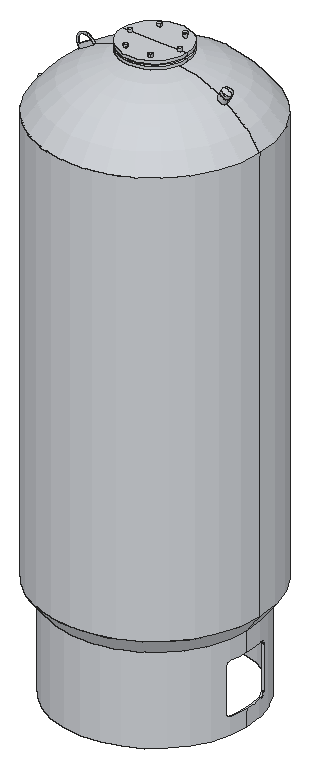
Revit family "FXA-3000L", category Mechanical Equipment, Revit 2014
Parameters (values of type "FXA-3000L")
  VoidLength = 7 1/2"
  URL = "http://westank.com/"
  TankVolume = "792 Gallons"
  SystemConnectionAngle = 50.00°
  PartNumber = "21013000"
  OuterRadius = 15"
  Model = "FXA-3000L"
  MaximumOperatingTemperature = "240°F"
  MaximumOperatingPressure = "125 PSIG"
  Manufacturer = "Wessels Company"
  InnerRadius = 14.766"
  InnerCircleDiameter = E - 3" / 4  # 41 1/4"
  HandleAngle = 120.00°
  G = 8 1/4"
  E = 42"
  F = 9"
  DrainAngle = 63.00°
  C = 4"
  BottomOfTheCylinder = 6.11811"
  B = 132.99696"
  ApproximateShipmentWeight = "1575 lbs"
  Angle = 35.00°
  A = 48"
Reference planes (in)
  plane 1 "Center (Front/Back)": y = 0
  plane 2: z = 0
  plane 3 "Center (Left/Right)": x = 0
  plane 4: x = -24
  plane 5: y = 1.9685
  plane 6: y = -1.9685
  plane 7: z = 132.99696
  plane 8: x = 24
  plane 9: y = 0.15626
  plane 10: y = -0.15626
  plane 11: x = 18
  plane 12: x = -21
  plane 13: x = 21
  plane 14: y = 0
  plane 15: y = 8.22887
  plane 16: y = -8.22887
  plane 17: z = 129.36964
  plane 18: through (3.8286, -180, 8.83933) normal (-0.1726, 0, 0.985)
  plane 19: through (3.36228, -180, 11.50012) normal (-0.1726, 0, 0.985)
  plane 20: z = 8.25
  plane 21: x = 9
  plane 22: x = 7
  plane 23: x = 11
  plane 24: z = 116.46387
  plane 25: z = 115.46387
  plane 26: z = 115.96387
  plane 27: z = 116.46387
Forms (in)
  Revolve 1, solid
    sketch origin (0, 0, -5.12538) x (1, 0, 0) y (0, 0, 1)
      loop
        arc (0, 134.49502) -> (-13.62428, 132.20995) -> (-24, 123.08925) r 25.21608
        line (-24, 123.08925) -> (-24, 28.58925)
        arc (-24, 28.58925) -> (-13.62428, 19.46855) -> (0, 17.18349) r 25.21608
        line (0, 17.18349) -> (0, 134.49502)
      axis (0, 134.49502) -> (0, 17.18349)
    angle from 0 to 360
  Extrusion 2, solid
    sketch origin (0, 0, 0) x (1, 0, 0) y (0, 1, 0)
      loop
        circle (0, 0) r 21
      loop
        circle (0, 0) r 20.625
    from 32.88097 to 0
  Revolve 3, solid
    sketch origin (1.07008, 0, 75.91696) x (0.508378, 0, 0.861134) y (-0.861134, 0, 0.508378)
      loop
        line (50.28463, 13.07294) -> (50.28463, 11.98454) -> (51.79103, 11.98454) -> (51.79103, 12.01751) -> (52.59917, 12.01751)
        arc (52.59917, 12.01751) -> (52.94441, 12.48889) -> (52.96132, 13.07294) r 0.9835
        line (52.96132, 13.07294) -> (50.28463, 13.07294)
      axis (50.28463, 13.07294) -> (52.96132, 13.07294)
    angle from 0 to 360
  Sweep 4, solid
    path origin (-0.24948, 0, 75.38829) x (-0.505922, 0, 0.862579) y (-0.862579, 0, -0.505922)
      loop
        arc (52.19769, -10.84267) -> (53.94769, -12.59267) -> (52.19769, -14.34267) r 1.75
    profile origin (-16.68061, 0, 128.29337) x (-0.505922, 0, 0.862579) y (0, -1, 0)
      loop
        circle (0, 0) r 0.15625
  Extrusion 5, solid
    sketch origin (2.21689, 0, 71.18322) x (-0.505922, 0, 0.862579) y (-0.862579, 0, -0.505922)
      loop
        line (57.07269, -10.68706) -> (56.09572, -10.68706) -> (56.09572, -14.50217) -> (57.07269, -14.50217) -> (57.07269, -10.68706)
    from 0.15626 to -0.15626
  Sweep 6, solid
    path origin (-12.625, 0, 33.21427) x (-1, 0, 0) y (0, 0, -1)
      loop
        arc (12.10198, -35.375) -> (13.85198, -37.125) -> (12.10198, -38.875) r 1.75
    profile origin (-26.47698, 0, 70.33927) x (-1, 0, 0) y (0, -1, 0)
      loop
        circle (0, 0) r 0.15625
  Extrusion 7, solid
    sketch origin (-7.75, 0, 33.21427) x (-1, 0, 0) y (0, 0, -1)
      loop
        line (16.97698, -35.21939) -> (16, -35.21939) -> (16, -39.0345) -> (16.97698, -39.0345) -> (16.97698, -35.21939)
    from 0.15626 to -0.15626
  Revolve 8, solid
    sketch origin (0.22045, 0, 73.50107) x (0, 0, 1) y (-1, 0, 0)
      loop
        line (59.03056, 0.22045) -> (55.2904, 0.22045) -> (55.2904, -4.1341)
        arc (55.2904, -4.1341) -> (56.27465, -3.90868) -> (57.2589, -4.1341) r 2.26145
        line (57.2589, -4.1341) -> (57.2589, -7.10972) -> (57.84945, -7.10972) -> (57.84945, -6.49344) -> (58.44001, -6.49344) -> (58.44001, -7.10972) -> (59.03056, -7.10972) -> (59.03056, 0.22045)
      axis (59.03056, 0.22045) -> (55.2904, 0.22045)
    angle from 0 to 360
  Revolve 9, solid
    sketch origin (4.75104, 0, 22.83723) x (0.172627, 0, -0.984987) y (0.984987, 0, 0.172627)
      loop
        line (13.18144, 2.36525) -> (9.44128, 2.36525) -> (9.44128, -0.76855)
        arc (9.44128, -0.76855) -> (10.42553, -0.54313) -> (11.40978, -0.76855) r 2.26145
        line (11.40978, -0.76855) -> (11.40978, -3.36917) -> (12.00033, -3.36917) -> (12.00033, -2.75289) -> (12.59089, -2.75289) -> (12.59089, -3.36917) -> (13.18144, -3.36917) -> (13.18144, 2.36525)
      axis (9.44128, 2.36525) -> (13.18144, 2.36525)
    angle from 0 to 360
  Extrusion 10, solid
    sketch origin (8.39187, -2.56268, 10.23894) x (-0.984979, 0, -0.172675) y (-0.000004, 1, 0.000023)
      loop
        circle (-3.74768, 6.40672) r 0.3937
    from 0.59055 to -2.11745
  Extrusion 11, solid
    sketch origin (10.2889, -2.64003, 10.57118) x (-0.747584, -0.651106, -0.131069) y (-0.641335, 0.758987, -0.112375)
      loop
        circle (-3.74768, 6.40672) r 0.3937
    from 0.59055 to -2.11248
  Extrusion 12, solid
    sketch origin (11.77836, -1.44481, 10.83203) x (-0.149831, -0.988362, -0.026308) y (-0.973528, 0.152123, -0.170595)
      loop
        circle (-3.74768, 6.40672) r 0.3937
    from 0.59055 to -2.10562
  Extrusion 13, solid
    sketch origin (12.14303, 0.44684, 10.89537) x (0.520149, -0.849202, 0.091112) y (-0.836457, -0.528068, -0.146572)
      loop
        circle (-3.74768, 6.40672) r 0.3937
    from 0.59055 to -2.11832
  Extrusion 14, solid
    sketch origin (11.20595, 2.1231, 10.73114) x (0.939407, -0.300705, 0.16459) y (-0.296195, -0.953717, -0.051887)
      loop
        circle (-3.74768, 6.40672) r 0.3937
    from 0.59055 to -2.10775
  Extrusion 15, solid
    sketch origin (9.41968, 2.77597, 10.41801) x (0.905852, 0.392739, 0.158709) y (0.386839, -0.91965, 0.067821)
      loop
        circle (-3.74768, 6.40672) r 0.3937
    from 0.59055 to -2.10608
  Extrusion 16, solid
    sketch origin (7.64519, 2.09076, 10.10699) x (0.435656, 0.896873, 0.076304) y (0.883404, -0.442288, 0.154848)
      loop
        circle (-3.74768, 6.40672) r 0.3937
    from 0.59055 to -2.11652
  Extrusion 17, solid
    sketch origin (6.73683, 0.39774, 9.94923) x (-0.244533, 0.968691, -0.042905) y (0.954145, 0.248268, 0.167246)
      loop
        circle (-3.74768, 6.40672) r 0.3937
    from 0.59055 to -2.10776
  Extrusion 18, solid
    sketch origin (7.13409, -1.48699, 10.0187) x (-0.806847, 0.573576, -0.141456) y (0.564961, 0.819153, 0.099038)
      loop
        circle (-3.74768, 6.40672) r 0.3937
    from 0.59055 to -2.10712
  Extrusion 19, solid
    sketch origin (7.35796, 0, -9.14698) x (0, 1, 0) y (1, 0, 0)
      loop
        circle (0, 1.64204) r 2
    from -20.64698 to -17.39698
  Extrusion 20, void
    sketch origin (0, -0.25, 1.75) x (0, 1, 0) y (0, 0, 1)
      loop
        arc (-4.15626, 13.5) -> (-4.63889, 13.23263) -> (-4.90626, 12.75) r 1
        line (-4.90626, 12.75) -> (-4.90626, 2.91491)
        arc (-4.90626, 2.91491) -> (-4.66396, 2.27523) -> (-4.06716, 1.94094) r 1
        line (-4.06716, 1.94094) -> (4.81753, 1.94094)
        arc (4.81753, 1.94094) -> (5.52464, 2.23384) -> (5.81753, 2.94094) r 1
        line (5.81753, 2.94094) -> (5.81753, 12.5)
        arc (5.81753, 12.5) -> (5.52464, 13.20711) -> (4.81753, 13.5) r 1
        line (4.81753, 13.5) -> (-4.15626, 13.5)
    from 25.46527 to 16.16015
  Extrusion 21, solid
    sketch origin (4.16383, -2.26175, 132.40633) x (0.104528, -0.994522, 0.000023) y (0.994522, 0.104528, -0.000006)
      loop
        circle (1.87446, -7.17304) r 0.3937
    from 0.59055 to -2.3622
  Extrusion 22, solid
    sketch origin (0.12194, -4.73726, 132.40637) x (-0.809016, -0.587786, 0.000014) y (0.587786, -0.809016, -0.000003)
      loop
        circle (1.87376, -7.1752) r 0.3937
    from 0.59055 to -2.3622
  Extrusion 23, solid
    sketch origin (-4.04542, -2.46976, 132.40921) x (-0.913546, 0.406735, -0.000034) y (-0.406735, -0.913546, 0.000012)
      loop
        circle (1.87424, -7.17372) r 0.3937
    from 0.59055 to -2.3622
  Extrusion 24, solid
    sketch origin (-4.09465, 2.47304, 132.40376) x (-0.10453, 0.99452, -0.001696) y (-0.994521, -0.104532, -0.001101)
      loop
        circle (1.87367, -7.17548) r 0.3937
    from 0.59055 to -2.3622
  Extrusion 25, solid
    sketch origin (-0.11946, 4.73807, 132.40644) x (0.809014, 0.587789, -0.000005) y (-0.587789, 0.809014, 0.000003)
      loop
        circle (1.87516, -7.17088) r 0.3937
    from 0.59055 to -2.3622
  Extrusion 26, solid
    sketch origin (4.05416, 2.47114, 132.40954) x (0.913548, -0.406731, -0.00002) y (0.406731, 0.913548, 0.000007)
      loop
        circle (1.87142, -7.1824) r 0.3937
    from 0.59055 to -2.3622
  Extrusion 27, solid
    sketch origin (4.16451, -2.26482, 132.40945) x (0.104535, -0.994521, 0.000001) y (0.994521, 0.104535, 0.000001)
      loop
        circle (1.87367, -7.17548) r 0.3937
    from 0.59055 to -2.3622
  Extrusion 28, solid
    sketch origin (-0.77552, 1.66939, 132.40945) x (0.951054, 0.309024, 0.000001) y (-0.309024, 0.951054, 0.000001)
      loop
        circle (4.70178, 1.52834) r 0.3937
    from 0.59055 to -2.3622
  Extrusion 29, solid
    sketch origin (0, 0, 6.5) x (0, 1, 0) y (0, 0, 1)
      loop
        circle (0, 109.46387) r 0.5
    from -23.27489 to -26.27332
Cuts and joins
  Extrusion 20 cuts Extrusion 2
  joined: Extrusion 2, Revolve 3, Extrusion 5, Revolve 8
Dimensions and locks (in)
  equal spacing: plane 5, plane 1 "Center (Front/Back)", plane 6
  "B": plane 7 to level
  equal spacing: plane 8, plane 3 "Center (Left/Right)", plane 4
  "A": plane 8 to plane 4
  plane 9 to plane 10 = 0.31252"
  equal spacing: plane 13, plane 3 "Center (Left/Right)", plane 12
  "E": plane 13 to plane 12
  locked: Revolve 3 sketch curve to Revolve 3 sketch curve at 0.03297
  equal spacing: plane 15, plane 14, plane 16
  locked: Revolve 8 sketch curve to Revolve 8 sketch curve at 0.59055  (x3)
  locked: Revolve 8 sketch curve to Revolve 8 sketch curve at 1.9685
  locked: Revolve 9 sketch curve to Revolve 9 sketch curve at 0.59055  (x3)
  locked: Revolve 9 sketch curve to Revolve 9 sketch curve at 1.9685
  locked: Extrusion 19 sketch curve to plane 1 "Center (Front/Back)" at 0
  plane 7 to plane 17 = 3.62733"
  equal spacing: plane 22, plane 21, plane 23
  "F": plane 21 to plane 3 "Center (Left/Right)"
  "C": plane 22 to plane 23
  plane 24 to plane 25 = 1"
  Revolve 1 to plane 26 = 2"
  "G": plane 20 to level
  "C": diameter of Extrusion 19 sketch curve
  "E": diameter of Extrusion 2 sketch curve
  "InnerCircleDiameter": diameter of Extrusion 2 sketch curve
  aligned and locked: level to plane 2
  aligned and locked: plane 4 to Revolve 1 sketch curve
  aligned and locked: Revolve 3 sketch curve to Revolve 3 sketch curve
  aligned and locked: Extrusion 5 sketch curve to Sweep 4
  aligned and locked: Extrusion 5 to plane 10
  aligned and locked: plane 9 to Extrusion 5
  aligned and locked: Extrusion 7 sketch curve to Sweep 6
  aligned and locked: Revolve 8 sketch curve to Revolve 8 sketch curve
  aligned and locked: Revolve 9 sketch curve to Revolve 9 sketch curve
  aligned and locked: Revolve 8 sketch curve to plane 3 "Center (Left/Right)"
  aligned and locked: Extrusion 21 to plane 7
  aligned and locked: Extrusion 22 to plane 7
  aligned and locked: Extrusion 25 to plane 7
Automatic sketch dimensions
  Revolve 1 sketch curve to plane 3 "Center (Left/Right)" = 0"  (x2)
  Revolve 1 sketch curve to plane 17 = 0"
  Revolve 1 sketch curve to plane 3 "Center (Left/Right)" = 2.80069"  (x2)
  plane 20 to Revolve 1 sketch curve = 28.86817"
  plane 20 to Revolve 1 sketch curve = 15.21387"
  Revolve 1 sketch curve to Revolve 1 sketch curve = 24.3395"
  Sweep 6 sketch curve to plane 4 = 0.72698"
  plane 25 to Sweep 6 sketch curve = 45.1246"
  Sweep 6 sketch curve to Sweep 6 sketch curve = 1 3/4"
  Sweep 6 sketch curve to profile plane = 0"
  profile plane to Sweep 6 sketch curve = 0"
  plane 4 to Extrusion 7 sketch curve = 1/4"
  plane 25 to Extrusion 7 sketch curve = 43.2151"
  Extrusion 7 sketch curve to Extrusion 7 sketch curve = 3.81511"
  Revolve 8 sketch curve to plane 3 "Center (Left/Right)" = 0"
  Revolve 8 sketch curve to plane 7 = 4.2055"
  plane 22 to Revolve 8 sketch curve = 0.60942"
  Revolve 8 sketch curve to Revolve 8 sketch curve = 0.98425"
  plane 22 to Revolve 8 sketch curve = 0.28611"
  Revolve 8 sketch curve to plane 22 = 0.33017"
  Revolve 8 sketch curve to Revolve 8 sketch curve = 2.03603"
  Revolve 8 sketch curve to Revolve 8 sketch curve = 0"
  plane 7 to Revolve 8 sketch curve = 0.53466"
  plane 19 to Revolve 9 sketch curve = 1.48589"
  plane 19 to Revolve 9 sketch curve = 0.50164"
  plane 20 to Revolve 9 sketch curve = 1.02207"
  Revolve 9 sketch curve to Revolve 9 sketch curve = 0.5646"
  Revolve 9 sketch curve to Revolve 9 sketch curve = 0.61629"
  Revolve 9 sketch curve to Revolve 9 sketch curve = 2.03603"
  Revolve 9 sketch curve to Revolve 9 sketch curve = 3.1338"
  Revolve 9 sketch curve to Revolve 9 sketch curve = 19.38704"
  Revolve 9 sketch curve to Revolve 9 sketch curve = 0.1272"
  Revolve 9 sketch curve to Revolve 9 sketch curve = 0"
  plane 16 to Extrusion 20 sketch curve = 3.0726"
  Extrusion 20 sketch curve to Extrusion 20 sketch curve = 3/4"
  Extrusion 20 sketch curve to Extrusion 20 sketch curve = 0.8391"
  Extrusion 20 sketch curve to Extrusion 20 sketch curve = 0.97448"  (x2)
  Extrusion 20 sketch curve to Extrusion 20 sketch curve = 0.99992"
  plane 5 to Extrusion 20 sketch curve = 2.59903"  (x2)
  Extrusion 20 sketch curve to Extrusion 20 sketch curve = 1"
  level to Extrusion 20 sketch curve = 3.69094"
  Extrusion 20 sketch curve to Extrusion 20 sketch curve = 0.97397"
  plane 20 to Extrusion 20 sketch curve = 6"
  Extrusion 29 sketch curve to plane 1 "Center (Front/Back)" = 0"
  plane 24 to Extrusion 29 sketch curve = 1/2"
  plane 25 to Revolve 1 sketch curve = 11.1543"
  Revolve 1 sketch curve to plane 24 = 4.7438"
  Revolve 3 sketch curve to plane 11 = 2.62389"
  Revolve 3 sketch curve to plane 7 = 7.1322"
  Revolve 3 sketch curve to Revolve 3 sketch curve = 1.5064"
  Revolve 3 sketch curve to Revolve 3 sketch curve = 0"
  Revolve 3 sketch curve to Revolve 3 sketch curve = 0.22312"
  Revolve 3 sketch curve to Revolve 3 sketch curve = 0.80814"
  Revolve 3 sketch curve to Revolve 3 sketch curve = 0.94717"
  Revolve 3 sketch curve to Revolve 3 sketch curve = 0.26484"
  Revolve 3 sketch curve to Revolve 3 sketch curve = 5.44847"
  Revolve 3 sketch curve to Revolve 3 sketch curve = 0.07201"
  plane 12 to Sweep 4 sketch curve = 5.20475"
  Sweep 4 sketch curve to plane 7 = 6.21311"
  Sweep 4 sketch curve to Sweep 4 sketch curve = 1 3/4"
  Sweep 4 sketch curve to profile plane = 0"
  profile plane to Sweep 4 sketch curve = 0"
  Extrusion 5 sketch curve to Extrusion 5 sketch curve = 0.97698"
  Extrusion 5 sketch curve to plane 7 = 5.24705"
  Extrusion 5 sketch curve to Extrusion 5 sketch curve = 3.81511"
  Extrusion 2 sketch curve to Extrusion 2 sketch curve = 0"  (x2)
  plane 1 "Center (Front/Back)" to Extrusion 2 sketch curve = 0"
  Extrusion 2 sketch curve to plane 3 "Center (Left/Right)" = 0"
  Extrusion 19 sketch curve to plane 21 = 0"
  radius of Extrusion 21 sketch curve = 0.3937"
  radius of Extrusion 22 sketch curve = 0.3937"
  radius of Extrusion 23 sketch curve = 0.3937"
  radius of Extrusion 24 sketch curve = 0.3937"
  radius of Extrusion 25 sketch curve = 0.3937"
  radius of Extrusion 26 sketch curve = 0.3937"
  radius of Extrusion 27 sketch curve = 0.3937"
  radius of Extrusion 28 sketch curve = 0.3937"
  radius of Sweep 6 sketch curve = 5/32"
  radius of Extrusion 10 sketch curve = 0.3937"
  radius of Extrusion 11 sketch curve = 0.3937"
  radius of Extrusion 12 sketch curve = 0.3937"
  radius of Extrusion 13 sketch curve = 0.3937"
  radius of Extrusion 14 sketch curve = 0.3937"
  radius of Extrusion 15 sketch curve = 0.3937"
  radius of Extrusion 16 sketch curve = 0.3937"
  radius of Extrusion 17 sketch curve = 0.3937"
  radius of Extrusion 18 sketch curve = 0.3937"
  radius of Extrusion 29 sketch curve = 1/2"
  radius of Sweep 4 sketch curve = 5/32"
Connectors (in)
  piping at (9, 0, 8.25), diameter 4, driven by "C"
    settings: on Extrusion 19, index 1, connector inside diameter 24", connector length 0", flow factor 0, pipe flow 0 GPM, pressure drop 0.00 psi, fitting loss kfactor 0, connector angle 0.00°, fixture units 0, engagement length 0", angle of deflection 0.00°, flow configuration 0, flow direction 0, fitting loss method 0, system type 7, joint type 0, gender type 0, connector reference index -1, connector utility 0, adjustable connector no, is connector primary yes, connector description ""
